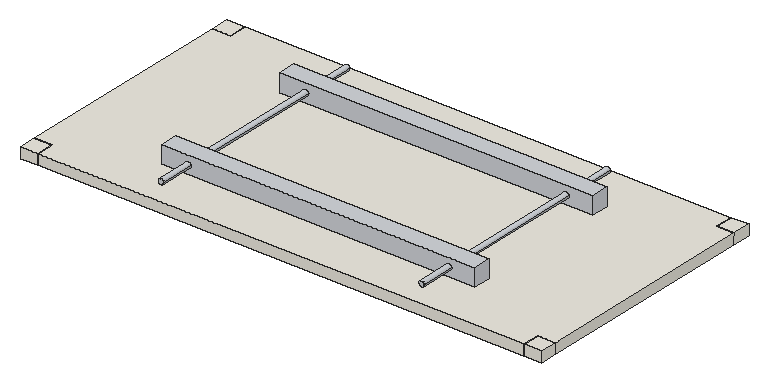
Revit family "LED-PL-CSVT", category Осветительные приборы, Revit 2019 (continued)
Types (9, lengths in mm): name | built-in parameter 1150134 | Файл фотометрической сетки | built-in parameter 1150105 | Lumens | built-in parameter 1150106 | built-in parameter 1150142 | Wattage | built-in parameter 1150107 | Emit from Rectangle Width | Emit from Rectangle Length | Длина | Ширина | L1 | L | ADSK_Ток | ADSK_Полная мощность | ADSK_Обозначение | ADSK_Номинальная мощность | ADSK_Наименование | ADSK_Масса | ADSK_Код изделия
  LED PL-CSVT-38 295x1195 х10 (KROKUS) (IP54/IP20, 4000K, белый) c БАП на 3 часа | 12 | "Светильник LED-PL-CSVT-38-(295x1195).IES" | 302.39 (stored number, unit not read) | 3800 lm | 3.0239 (stored number, unit not read) | "IESNA:LM-63-95\r\n[TEST] Протокол № 50-12 \r\n[DATA] 20.06.2016\r\n[MORE] \r\n[MANUFAC] ЗАО \"Центрстройсвет\"\r\n[LUMCAT]  Светильник ALUMOGIPS-38/OPAL-SAND-(610x610)\r\n[LUMINAIRE]\r\n[LAMPCAT] Светодиоды\r\n[LAMP] Поток источника света (светодиодов) не известен\r\n[MORE] КСС приведена в абсолютных величинах кд\r\n[MORE] Вместо потока лампы, указан поток светильника.\r\nTILT=NONE\r\n1    3750 1.0 37 73 1 2 0.61 0.61 0.04\r\n1.0 1.0 38.7\r\n0.0 5.0 10.0 15.0 20.0 25.0 30.0 35.0 40.0 45.0 50.0 55.0 60.0 65.0 70.0 75.0 80.0 85.0 90.0 95.0 100.0 105.0 110.0 115.0 120.0 125.0 130.0 135.0 140.0 145.0 150.0 155.0 160.0 165.0 170.0 175.0 180.0\r\n0.0 5.0 10.0 15.0 20.0 25.0 30.0 35.0 40.0 45.0 50.0 55.0 60.0 65.0 70.0 75.0 80.0 85.0 90.0 95.0 100.0 105.0 110.0 115.0 120.0 125.0 130.0 135.0 140.0 145.0 150.0 155.0 160.0 165.0 170.0 175.0 180.0 185.0 190.0 195.0 200.0 205.0 210.0 215.0 220.0 225.0 230.0 235.0 240.0 245.0 250.0 255.0 260.0 265.0 270.0 275.0 280.0 285.0 290.0 295.0 300.0 305.0 310.0 315.0 320.0 325.0 330.0 335.0 340.0 345.0 350.0 355.0 360.0\r\n1391.4 1390.6 1365.7 1330.6 1277.5 1214.9 1147.5 1059.6 967.6 873.2 772.4 664.9 556.3 449.1 342.7 240.6 147.1 64.2 4.7 0.0 0.0 0.0 0.0 0.0 0.0 0.0 0.0 0.0 0.0 0.0 0.0 0.0 0.0 0.0 0.0 0.0 0.0\r\n1391.4 1390.5 1367.8 1332.7 1284.3 1221.3 1147.0 1062.1 969.2 872.4 773.2 666.3 557.1 450.1 343.8 241.9 146.9 64.7 5.2 0.0 0.0 0.0 0.0 0.0 0.0 0.0 0.0 0.0 0.0 0.0 0.0 0.0 0.0 0.0 0.0 0.0 0.0\r\n1391.4 1390.2 1372.0 1333.3 1277.3 1216.8 1144.5 1057.4 969.6 875.1 773.8 669.5 560.0 454.6 345.8 242.4 148.5 65.8 5.4 0.0 0.0 0.0 0.0 0.0 0.0 0.0 0.0 0.0 0.0 0.0 0.0 0.0 0.0 0.0 0.0 0.0 0.0\r\n1391.4 1389.8 1371.2 1330.7 1279.5 1220.5 1148.3 1059.9 967.7 873.2 767.5 666.8 561.4 453.0 347.1 243.7 149.9 65.6 5.8 0.0 0.0 0.0 0.0 0.0 0.0 0.0 0.0 0.0 0.0 0.0 0.0 0.0 0.0 0.0 0.0 0.0 0.0\r\n1391.4 1389.8 1368.3 1329.3 1285.0 1214.6 1141.1 1058.7 971.8 871.3 775.2 666.9 559.4 452.6 345.8 242.5 150.0 65.8 6.1 0.0 0.0 0.0 0.0 0.0 0.0 0.0 0.0 0.0 0.0 0.0 0.0 0.0 0.0 0.0 0.0 0.0 0.0\r\n1391.4 1390.5 1367.3 1332.3 1281.7 1219.0 1142.8 1064.6 970.5 874.4 772.1 667.5 560.2 453.0 346.2 241.8 149.4 65.7 5.6 0.0 0.0 0.0 0.0 0.0 0.0 0.0 0.0 0.0 0.0 0.0 0.0 0.0 0.0 0.0 0.0 0.0 0.0\r\n1391.4 1391.4 1368.1 1333.5 1277.3 1215.7 1139.0 1059.6 968.1 872.4 771.6 667.4 558.8 453.3 344.3 243.9 148.4 65.7 5.4 0.0 0.0 0.0 0.0 0.0 0.0 0.0 0.0 0.0 0.0 0.0 0.0 0.0 0.0 0.0 0.0 0.0 0.0\r\n1391.4 1391.7 1368.1 1330.4 1278.2 1213.9 1142.4 1061.6 967.4 875.1 772.0 669.3 561.1 452.5 345.2 242.1 148.3 65.4 5.5 0.0 0.0 0.0 0.0 0.0 0.0 0.0 0.0 0.0 0.0 0.0 0.0 0.0 0.0 0.0 0.0 0.0 0.0\r\n1391.4 1391.5 1371.0 1328.4 1278.5 1216.7 1142.1 1061.2 971.8 874.7 772.1 668.9 560.8 452.9 345.4 243.3 147.7 66.0 5.4 0.0 0.0 0.0 0.0 0.0 0.0 0.0 0.0 0.0 0.0 0.0 0.0 0.0 0.0 0.0 0.0 0.0 0.0\r\n1391.4 1391.5 1373.2 1330.5 1277.3 1215.5 1143.2 1063.6 967.0 872.7 772.2 669.4 558.9 453.2 346.6 241.9 148.1 65.2 5.5 0.0 0.0 0.0 0.0 0.0 0.0 0.0 0.0 0.0 0.0 0.0 0.0 0.0 0.0 0.0 0.0 0.0 0.0\r\n1391.4 1391.4 1369.7 1328.3 1281.3 1216.0 1139.8 1057.9 968.7 875.3 773.9 667.6 561.8 454.0 344.0 243.1 147.2 65.6 5.5 0.0 0.0 0.0 0.0 0.0 0.0 0.0 0.0 0.0 0.0 0.0 0.0 0.0 0.0 0.0 0.0 0.0 0.0\r\n1391.4 1390.5 1367.9 1330.1 1278.1 1218.1 1138.9 1061.0 970.0 871.8 770.4 669.3 560.2 453.4 346.9 242.1 148.3 65.2 5.2 0.0 0.0 0.0 0.0 0.0 0.0 0.0 0.0 0.0 0.0 0.0 0.0 0.0 0.0 0.0 0.0 0.0 0.0\r\n1391.4 1389.3 1368.2 1329.1 1280.8 1214.4 1142.5 1059.2 967.2 874.3 772.4 668.0 563.1 452.3 345.7 242.8 146.8 64.9 5.1 0.0 0.0 0.0 0.0 0.0 0.0 0.0 0.0 0.0 0.0 0.0 0.0 0.0 0.0 0.0 0.0 0.0 0.0\r\n1391.4 1388.6 1367.4 1327.8 1278.0 1215.7 1141.0 1061.0 971.5 877.3 771.2 667.3 561.5 453.0 346.4 242.4 146.3 64.8 5.2 0.0 0.0 0.0 0.0 0.0 0.0 0.0 0.0 0.0 0.0 0.0 0.0 0.0 0.0 0.0 0.0 0.0 0.0\r\n1391.4 1388.0 1367.6 1326.7 1278.3 1218.0 1140.9 1061.5 968.4 873.4 770.1 666.6 562.1 454.6 344.8 241.8 146.4 64.0 5.5 0.0 0.0 0.0 0.0 0.0 0.0 0.0 0.0 0.0 0.0 0.0 0.0 0.0 0.0 0.0 0.0 0.0 0.0\r\n1391.4 1387.2 1366.1 1331.0 1281.4 1216.3 1142.7 1059.1 969.4 871.5 772.2 667.3 560.5 453.0 344.4 242.2 146.4 63.8 5.6 0.0 0.0 0.0 0.0 0.0 0.0 0.0 0.0 0.0 0.0 0.0 0.0 0.0 0.0 0.0 0.0 0.0 0.0\r\n1391.4 1387.1 1366.3 1328.7 1276.9 1214.5 1141.2 1059.3 968.4 874.3 775.5 668.3 562.5 454.9 346.4 241.3 146.2 63.5 5.7 0.0 0.0 0.0 0.0 0.0 0.0 0.0 0.0 0.0 0.0 0.0 0.0 0.0 0.0 0.0 0.0 0.0 0.0\r\n1391.4 1388.4 1366.0 1329.7 1279.2 1217.9 1140.0 1060.5 969.0 873.9 772.0 671.3 560.4 453.2 343.7 241.7 145.8 63.7 5.4 0.0 0.0 0.0 0.0 0.0 0.0 0.0 0.0 0.0 0.0 0.0 0.0 0.0 0.0 0.0 0.0 0.0 0.0\r\n1391.4 1389.6 1367.7 1329.3 1277.2 1211.1 1140.1 1061.0 971.0 871.2 769.2 669.1 561.5 453.1 343.3 241.9 145.8 63.4 5.2 0.0 0.0 0.0 0.0 0.0 0.0 0.0 0.0 0.0 0.0 0.0 0.0 0.0 0.0 0.0 0.0 0.0 0.0\r\n1391.4 1388.8 1366.9 1327.1 1279.4 1214.2 1142.5 1056.4 970.7 870.3 771.0 665.1 560.4 453.3 343.8 241.1 145.7 63.4 5.2 0.0 0.0 0.0 0.0 0.0 0.0 0.0 0.0 0.0 0.0 0.0 0.0 0.0 0.0 0.0 0.0 0.0 0.0\r\n1391.4 1387.2 1365.8 1328.9 1276.6 1210.2 1141.4 1059.3 966.6 871.4 770.5 667.4 559.2 451.4 344.2 241.0 145.6 63.2 5.1 0.0 0.0 0.0 0.0 0.0 0.0 0.0 0.0 0.0 0.0 0.0 0.0 0.0 0.0 0.0 0.0 0.0 0.0\r\n1391.4 1386.8 1364.4 1329.8 1279.4 1213.7 1144.0 1059.0 965.3 873.7 768.8 668.9 559.4 449.5 342.6 241.5 144.6 63.4 5.0 0.0 0.0 0.0 0.0 0.0 0.0 0.0 0.0 0.0 0.0 0.0 0.0 0.0 0.0 0.0 0.0 0.0 0.0\r\n1391.4 1388.1 1365.8 1328.1 1273.8 1213.4 1137.9 1059.2 967.3 869.2 769.3 667.7 558.4 451.4 344.0 240.6 145.7 63.4 4.9 0.0 0.0 0.0 0.0 0.0 0.0 0.0 0.0 0.0 0.0 0.0 0.0 0.0 0.0 0.0 0.0 0.0 0.0\r\n1391.4 1389.2 1364.4 1323.2 1276.3 1213.8 1137.6 1055.3 963.1 871.0 767.7 664.1 559.7 447.1 342.4 240.1 145.2 63.9 5.1 0.0 0.0 0.0 0.0 0.0 0.0 0.0 0.0 0.0 0.0 0.0 0.0 0.0 0.0 0.0 0.0 0.0 0.0\r\n1391.4 1388.4 1362.3 1326.8 1274.4 1212.2 1137.9 1054.7 966.7 867.9 768.7 663.4 557.3 449.2 343.3 240.0 145.7 63.6 5.0 0.0 0.0 0.0 0.0 0.0 0.0 0.0 0.0 0.0 0.0 0.0 0.0 0.0 0.0 0.0 0.0 0.0 0.0\r\n1391.4 1386.2 1361.8 1326.5 1273.3 1211.2 1134.5 1048.6 964.3 866.3 767.8 662.9 556.7 449.5 341.9 239.8 145.7 63.7 5.0 0.0 0.0 0.0 0.0 0.0 0.0 0.0 0.0 0.0 0.0 0.0 0.0 0.0 0.0 0.0 0.0 0.0 0.0\r\n1391.4 1384.4 1363.5 1324.4 1272.0 1209.5 1137.2 1053.0 960.2 867.5 767.9 662.7 556.7 449.2 342.5 239.1 146.2 63.8 4.8 0.0 0.0 0.0 0.0 0.0 0.0 0.0 0.0 0.0 0.0 0.0 0.0 0.0 0.0 0.0 0.0 0.0 0.0\r\n1391.4 1383.7 1362.4 1324.4 1274.0 1209.5 1134.4 1050.1 965.4 864.9 764.6 662.3 556.6 447.9 340.5 240.3 145.5 64.6 4.6 0.0 0.0 0.0 0.0 0.0 0.0 0.0 0.0 0.0 0.0 0.0 0.0 0.0 0.0 0.0 0.0 0.0 0.0\r\n1391.4 1384.4 1361.9 1326.9 1270.2 1207.3 1132.7 1050.1 959.7 867.7 763.1 662.2 555.0 447.3 343.0 238.3 145.8 63.9 4.7 0.0 0.0 0.0 0.0 0.0 0.0 0.0 0.0 0.0 0.0 0.0 0.0 0.0 0.0 0.0 0.0 0.0 0.0\r\n1391.4 1385.1 1363.0 1320.0 1270.4 1207.9 1134.4 1055.0 963.5 867.3 766.7 660.7 555.9 450.1 342.6 240.2 145.9 64.3 4.9 0.0 0.0 0.0 0.0 0.0 0.0 0.0 0.0 0.0 0.0 0.0 0.0 0.0 0.0 0.0 0.0 0.0 0.0\r\n1391.4 1384.9 1362.3 1321.4 1273.1 1208.0 1135.4 1052.3 961.9 865.0 764.0 660.8 553.5 447.6 341.2 240.3 146.1 63.8 4.8 0.0 0.0 0.0 0.0 0.0 0.0 0.0 0.0 0.0 0.0 0.0 0.0 0.0 0.0 0.0 0.0 0.0 0.0\r\n1391.4 1383.8 1361.2 1322.1 1265.1 1211.5 1132.8 1049.3 961.3 863.4 764.0 661.0 550.7 447.9 341.0 240.1 146.2 63.8 4.6 0.0 0.0 0.0 0.0 0.0 0.0 0.0 0.0 0.0 0.0 0.0 0.0 0.0 0.0 0.0 0.0 0.0 0.0\r\n1391.4 1382.8 1359.3 1321.5 1269.3 1206.8 1132.8 1051.1 958.3 863.2 763.1 662.7 553.4 448.0 340.4 240.0 145.8 63.8 4.0 0.0 0.0 0.0 0.0 0.0 0.0 0.0 0.0 0.0 0.0 0.0 0.0 0.0 0.0 0.0 0.0 0.0 0.0\r\n1391.4 1382.6 1359.0 1319.6 1268.1 1204.3 1129.8 1049.0 957.7 861.8 761.7 658.4 554.2 446.1 340.4 239.0 145.6 63.8 3.8 0.0 0.0 0.0 0.0 0.0 0.0 0.0 0.0 0.0 0.0 0.0 0.0 0.0 0.0 0.0 0.0 0.0 0.0\r\n1391.4 1382.8 1358.5 1315.8 1266.5 1202.1 1128.5 1049.2 957.6 860.0 762.1 658.2 549.9 443.8 339.6 238.4 145.7 63.6 3.7 0.0 0.0 0.0 0.0 0.0 0.0 0.0 0.0 0.0 0.0 0.0 0.0 0.0 0.0 0.0 0.0 0.0 0.0\r\n1391.4 1382.2 1360.5 1319.2 1265.9 1204.5 1129.9 1046.9 955.0 862.9 758.9 657.9 552.5 444.9 338.9 238.8 145.3 63.6 3.3 0.0 0.0 0.0 0.0 0.0 0.0 0.0 0.0 0.0 0.0 0.0 0.0 0.0 0.0 0.0 0.0 0.0 0.0\r\n1391.4 1381.1 1361.2 1321.0 1268.1 1203.8 1128.8 1047.4 955.6 863.7 761.1 656.4 551.5 445.2 339.2 238.5 144.7 62.5 3.5 0.0 0.0 0.0 0.0 0.0 0.0 0.0 0.0 0.0 0.0 0.0 0.0 0.0 0.0 0.0 0.0 0.0 0.0\r\n1391.4 1380.6 1359.0 1316.4 1268.5 1204.0 1126.1 1049.5 956.2 859.6 759.7 656.5 549.2 444.3 338.4 236.1 143.8 61.6 3.2 0.0 0.0 0.0 0.0 0.0 0.0 0.0 0.0 0.0 0.0 0.0 0.0 0.0 0.0 0.0 0.0 0.0 0.0\r\n1391.4 1380.7 1356.6 1316.0 1267.0 1205.6 1130.3 1044.8 956.9 856.7 759.3 653.5 548.1 441.9 335.3 235.4 141.4 60.3 2.9 0.0 0.0 0.0 0.0 0.0 0.0 0.0 0.0 0.0 0.0 0.0 0.0 0.0 0.0 0.0 0.0 0.0 0.0\r\n1391.4 1380.4 1354.4 1317.9 1268.8 1199.0 1129.0 1044.0 956.9 860.6 758.3 656.9 549.1 442.0 334.4 236.1 141.7 60.5 2.6 0.0 0.0 0.0 0.0 0.0 0.0 0.0 0.0 0.0 0.0 0.0 0.0 0.0 0.0 0.0 0.0 0.0 0.0\r\n1391.4 1380.1 1356.7 1322.1 1264.6 1201.7 1129.9 1047.4 957.2 859.7 758.2 656.1 549.4 442.8 335.3 235.8 141.3 60.6 2.3 0.0 0.0 0.0 0.0 0.0 0.0 0.0 0.0 0.0 0.0 0.0 0.0 0.0 0.0 0.0 0.0 0.0 0.0\r\n1391.4 1379.9 1357.3 1317.5 1265.9 1207.8 1129.2 1046.5 955.7 860.2 758.6 656.9 550.7 441.9 335.4 233.9 140.6 60.2 2.4 0.0 0.0 0.0 0.0 0.0 0.0 0.0 0.0 0.0 0.0 0.0 0.0 0.0 0.0 0.0 0.0 0.0 0.0\r\n1391.4 1379.2 1355.5 1314.6 1269.3 1203.7 1133.5 1044.8 957.2 857.9 762.0 656.6 548.7 440.4 335.9 234.5 140.4 59.8 2.8 0.0 0.0 0.0 0.0 0.0 0.0 0.0 0.0 0.0 0.0 0.0 0.0 0.0 0.0 0.0 0.0 0.0 0.0\r\n1391.4 1377.9 1357.1 1319.2 1271.9 1204.4 1128.6 1050.2 953.1 856.9 757.6 653.7 548.9 439.9 335.4 232.4 140.5 59.2 3.0 0.0 0.0 0.0 0.0 0.0 0.0 0.0 0.0 0.0 0.0 0.0 0.0 0.0 0.0 0.0 0.0 0.0 0.0\r\n1391.4 1377.2 1356.3 1322.9 1266.0 1204.8 1132.2 1049.0 958.1 859.3 759.0 654.6 547.0 441.6 334.9 232.1 139.3 58.8 2.9 0.0 0.0 0.0 0.0 0.0 0.0 0.0 0.0 0.0 0.0 0.0 0.0 0.0 0.0 0.0 0.0 0.0 0.0\r\n1391.4 1377.8 1353.8 1319.7 1269.6 1207.9 1135.8 1049.5 955.8 858.0 762.4 655.9 548.2 441.6 335.6 231.7 139.4 58.8 2.8 0.0 0.0 0.0 0.0 0.0 0.0 0.0 0.0 0.0 0.0 0.0 0.0 0.0 0.0 0.0 0.0 0.0 0.0\r\n1391.4 1378.5 1355.2 1319.8 1267.3 1206.5 1131.2 1046.1 954.6 861.2 756.6 653.8 548.1 440.3 335.0 232.6 138.6 59.0 2.9 0.0 0.0 0.0 0.0 0.0 0.0 0.0 0.0 0.0 0.0 0.0 0.0 0.0 0.0 0.0 0.0 0.0 0.0\r\n1391.4 1378.6 1355.1 1318.3 1269.7 1200.8 1133.1 1049.0 957.6 862.5 762.4 656.9 549.3 443.5 334.7 231.2 138.8 58.1 3.0 0.0 0.0 0.0 0.0 0.0 0.0 0.0 0.0 0.0 0.0 0.0 0.0 0.0 0.0 0.0 0.0 0.0 0.0\r\n1391.4 1378.8 1355.8 1321.7 1268.8 1210.0 1129.0 1048.5 958.8 862.4 762.2 656.4 549.0 441.1 335.4 231.5 138.5 58.1 3.0 0.0 0.0 0.0 0.0 0.0 0.0 0.0 0.0 0.0 0.0 0.0 0.0 0.0 0.0 0.0 0.0 0.0 0.0\r\n1391.4 1379.6 1357.6 1321.7 1269.0 1207.1 1133.9 1047.0 964.1 863.3 761.9 656.4 551.5 440.7 334.9 232.2 137.6 58.1 2.8 0.0 0.0 0.0 0.0 0.0 0.0 0.0 0.0 0.0 0.0 0.0 0.0 0.0 0.0 0.0 0.0 0.0 0.0\r\n1391.4 1380.6 1357.7 1319.2 1272.0 1207.5 1131.3 1054.6 959.0 863.3 764.8 655.9 549.1 443.0 335.1 231.3 138.0 58.1 2.7 0.0 0.0 0.0 0.0 0.0 0.0 0.0 0.0 0.0 0.0 0.0 0.0 0.0 0.0 0.0 0.0 0.0 0.0\r\n1391.4 1381.5 1358.5 1321.9 1271.0 1204.1 1135.9 1055.8 962.5 865.5 761.1 656.9 550.6 442.0 335.3 231.9 137.4 57.9 2.6 0.0 0.0 0.0 0.0 0.0 0.0 0.0 0.0 0.0 0.0 0.0 0.0 0.0 0.0 0.0 0.0 0.0 0.0\r\n1391.4 1381.3 1358.5 1322.3 1270.8 1207.2 1133.7 1051.9 958.0 867.3 767.5 657.0 552.1 442.3 333.6 231.2 137.9 57.8 2.6 0.0 0.0 0.0 0.0 0.0 0.0 0.0 0.0 0.0 0.0 0.0 0.0 0.0 0.0 0.0 0.0 0.0 0.0\r\n1391.4 1380.6 1359.4 1319.7 1270.6 1209.0 1133.0 1052.1 963.9 867.5 764.1 660.0 554.0 443.3 334.8 231.7 137.6 57.8 2.7 0.0 0.0 0.0 0.0 0.0 0.0 0.0 0.0 0.0 0.0 0.0 0.0 0.0 0.0 0.0 0.0 0.0 0.0\r\n1391.4 1381.3 1359.9 1321.3 1270.6 1204.8 1135.0 1051.3 962.1 865.5 761.7 660.3 553.1 443.5 334.1 231.9 137.9 57.8 2.8 0.0 0.0 0.0 0.0 0.0 0.0 0.0 0.0 0.0 0.0 0.0 0.0 0.0 0.0 0.0 0.0 0.0 0.0\r\n1391.4 1383.1 1362.1 1324.8 1273.8 1208.7 1134.8 1055.9 961.8 866.4 762.3 659.7 552.4 443.7 334.4 232.8 138.0 58.0 2.8 0.0 0.0 0.0 0.0 0.0 0.0 0.0 0.0 0.0 0.0 0.0 0.0 0.0 0.0 0.0 0.0 0.0 0.0\r\n1391.4 1384.6 1360.4 1321.7 1272.0 1210.6 1130.9 1052.5 963.1 866.7 767.4 659.3 553.7 444.6 335.4 233.1 138.3 58.0 2.8 0.0 0.0 0.0 0.0 0.0 0.0 0.0 0.0 0.0 0.0 0.0 0.0 0.0 0.0 0.0 0.0 0.0 0.0\r\n1391.4 1385.6 1357.5 1324.7 1273.9 1211.6 1134.3 1052.7 963.6 865.4 763.1 658.7 552.2 444.9 336.9 232.8 138.8 58.6 2.9 0.0 0.0 0.0 0.0 0.0 0.0 0.0 0.0 0.0 0.0 0.0 0.0 0.0 0.0 0.0 0.0 0.0 0.0\r\n1391.4 1386.4 1357.8 1323.4 1273.2 1212.2 1136.3 1054.7 967.5 867.5 764.0 659.4 553.3 443.7 336.8 233.2 138.9 58.5 3.1 0.0 0.0 0.0 0.0 0.0 0.0 0.0 0.0 0.0 0.0 0.0 0.0 0.0 0.0 0.0 0.0 0.0 0.0\r\n1391.4 1386.6 1362.0 1324.9 1273.2 1211.3 1139.0 1049.9 960.3 866.4 768.0 661.3 552.2 443.4 336.3 233.4 139.8 58.9 3.1 0.0 0.0 0.0 0.0 0.0 0.0 0.0 0.0 0.0 0.0 0.0 0.0 0.0 0.0 0.0 0.0 0.0 0.0\r\n1391.4 1386.0 1360.5 1326.0 1271.8 1212.0 1137.2 1059.3 963.5 867.6 766.9 661.2 552.3 445.8 337.8 233.6 141.0 59.2 3.3 0.0 0.0 0.0 0.0 0.0 0.0 0.0 0.0 0.0 0.0 0.0 0.0 0.0 0.0 0.0 0.0 0.0 0.0\r\n1391.4 1385.0 1362.3 1325.1 1272.0 1207.1 1138.5 1053.6 964.5 865.8 766.5 661.6 554.3 445.9 337.0 234.5 140.4 60.2 3.5 0.0 0.0 0.0 0.0 0.0 0.0 0.0 0.0 0.0 0.0 0.0 0.0 0.0 0.0 0.0 0.0 0.0 0.0\r\n1391.4 1384.4 1361.8 1323.6 1274.0 1214.8 1138.9 1053.9 968.0 867.9 769.0 663.8 555.6 446.7 339.6 235.0 141.3 60.4 3.4 0.0 0.0 0.0 0.0 0.0 0.0 0.0 0.0 0.0 0.0 0.0 0.0 0.0 0.0 0.0 0.0 0.0 0.0\r\n1391.4 1385.0 1360.9 1322.2 1272.4 1209.8 1137.2 1055.7 962.7 869.7 769.6 658.2 556.6 447.4 338.5 236.2 142.5 60.7 3.4 0.0 0.0 0.0 0.0 0.0 0.0 0.0 0.0 0.0 0.0 0.0 0.0 0.0 0.0 0.0 0.0 0.0 0.0\r\n1391.4 1386.6 1363.1 1323.6 1272.5 1211.5 1139.2 1058.4 969.9 868.0 768.8 664.6 556.3 445.8 342.1 236.1 142.3 61.2 3.5 0.0 0.0 0.0 0.0 0.0 0.0 0.0 0.0 0.0 0.0 0.0 0.0 0.0 0.0 0.0 0.0 0.0 0.0\r\n1391.4 1388.6 1360.9 1330.2 1273.7 1213.2 1138.7 1058.3 966.2 867.0 766.8 663.4 553.3 447.1 339.2 238.7 143.0 61.4 3.8 0.0 0.0 0.0 0.0 0.0 0.0 0.0 0.0 0.0 0.0 0.0 0.0 0.0 0.0 0.0 0.0 0.0 0.0\r\n1391.4 1389.8 1360.8 1328.4 1276.8 1216.0 1140.1 1055.8 963.1 870.3 768.4 663.1 554.0 449.1 340.1 237.3 144.8 61.7 3.8 0.0 0.0 0.0 0.0 0.0 0.0 0.0 0.0 0.0 0.0 0.0 0.0 0.0 0.0 0.0 0.0 0.0 0.0\r\n1391.4 1389.3 1362.5 1325.9 1278.0 1210.4 1138.2 1054.7 967.8 872.7 770.2 661.9 556.5 446.9 341.3 237.7 144.4 62.5 3.9 0.0 0.0 0.0 0.0 0.0 0.0 0.0 0.0 0.0 0.0 0.0 0.0 0.0 0.0 0.0 0.0 0.0 0.0\r\n1391.4 1387.8 1365.8 1326.6 1274.3 1213.2 1141.4 1053.1 966.2 871.2 768.4 663.7 555.0 447.1 341.3 238.2 144.3 62.7 4.1 0.0 0.0 0.0 0.0 0.0 0.0 0.0 0.0 0.0 0.0 0.0 0.0 0.0 0.0 0.0 0.0 0.0 0.0\r\n1391.4 1387.2 1364.2 1328.3 1274.8 1209.4 1145.0 1060.0 963.9 867.5 766.5 663.4 556.7 448.2 340.9 240.3 144.7 63.3 4.0 0.0 0.0 0.0 0.0 0.0 0.0 0.0 0.0 0.0 0.0 0.0 0.0 0.0 0.0 0.0 0.0 0.0 0.0\r\n1391.4 1388.4 1364.9 1332.6 1279.0 1215.6 1140.9 1056.3 969.3 867.1 770.0 663.8 559.0 449.0 342.4 240.3 145.7 63.3 4.7 0.0 0.0 0.0 0.0 0.0 0.0 0.0 0.0 0.0 0.0 0.0 0.0 0.0 0.0 0.0 0.0 0.0 0.0\r\n1391.4 1390.0 1364.5 1329.3 1281.4 1217.7 1141.3 1063.3 970.3 871.1 768.8 663.5 555.2 449.3 342.4 239.8 146.6 63.3 4.9 0.0 0.0 0.0 0.0 0.0 0.0 0.0 0.0 0.0 0.0 0.0 0.0 0.0 0.0 0.0 0.0 0.0 0.0\r\n1391.4 1390.6 1365.7 1330.6 1277.5 1214.9 1147.5 1059.6 967.6 873.2 772.4 664.9 556.3 449.1 342.7 240.6 147.1 64.2 4.7 0.0 0.0 0.0 0.0 0.0 0.0 0.0 0.0 0.0 0.0 0.0 0.0 0.0 0.0 0.0 0.0 0.0 0.0\r\n" | 25.582 W | 4000 (stored number, unit not read) | 255 | 1155 | 1195 | 295 | 147.5 | 597.5 | 0.179584 A | 41.3043 VA | "LED PL-CSVT-38 295x1195 х10 (KROKUS) (IP54/IP20, 4000K, белый)" | 38 W | "Ультратонкая светодиодная панель LED PL-CSVT-38 295x119
    5 х10 (KROKUS) (IP54/IP20, 4000K, белый) c БАП на 3 часа" | 3.4 | "ЦБ000007523"
